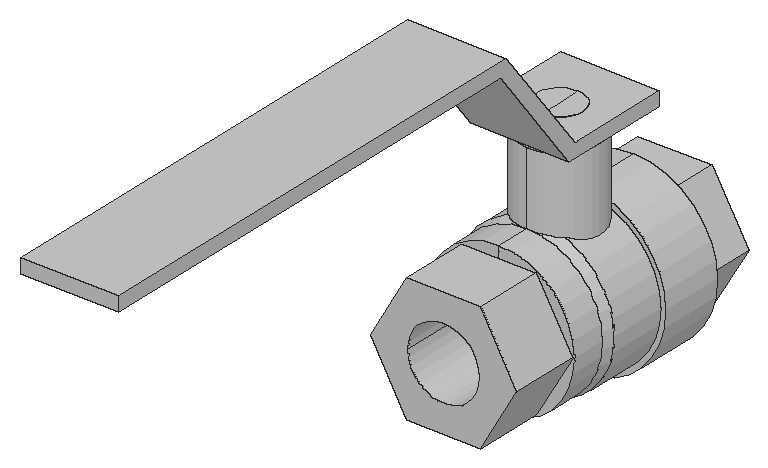
Revit family "КШ РАШВОРК  арт.7014 .rfa", category Арматура трубопроводов, Revit 2021
Family settings
  Размер круглого соединителя = Использовать диаметр
  Тип детали = Нормальный
  На основе рабочей плоскости = Нет
  Всегда вертикально = Нет
  При загрузке вырезать с полостями = Да
  Общий = Нет
Parameters (values of type "Кран шаровой полнопроходной РАШВОРК 7014-008-63 DN008 PN63, CF8M / AISI316 / PTFE, ВР/ВР, рукоятка-рычаг")
  Шручки = 17 mm
  Уго_длинна = 115 mm
  Ручка = нерж. сталь AISI304
  Отметка по умолчанию = 0 mm
  Корпус = нерж. сталь CF8M
  Изготовитель = "ООО \"ТД \"РАШВОРК\""
  А = 14.5 mm
  W = 106 mm
  URL = "https://rwru.ru/"
  LL = 22 mm
  L = 50 mm
  H = 49 mm
  DN_соединителя = 9 mm
  DN = 12.5 mm
  B5 = 28.154 mm
  B4 = 4 mm
  B3 = 7 mm
  B2 = 29.5 mm
  B1 = 25.5 mm
  ADSK_Примечание = ""
  ADSK_Наименование краткое = ""
  ADSK_Наименование = "Кран шаровой полнопроходной РАШВОРК 7014-008-63 DN008 PN63, CF8M / AISI316 / PTFE, ВР/ВР, рукоятка-рычаг"
  ADSK_Масса = 0.19
  ADSK_Код изделия = "7014-008-63"
  ADSK_Завод-изготовитель = "ООО \"ТД \"РАШВОРК\""
  ADSK_Единица измерения = "шт"
  A5 = 6 mm
  A4 = 13 mm
  A3 = 10 mm
  A2 = 1 mm
  A1 = 11 mm
  A00 = 41 mm
  A0 = 12 mm
Types (12, lengths in mm): name | Шручки | А | W | LL | L | H | DN_соединителя | DN | B4 | B3 | B2 | B1 | ADSK_Наименование | ADSK_Масса | ADSK_Код изделия | A5 | A4 | A3 | A2 | A1 | A00 | A0
  (no name) | 17 | 14.5 | 106 | 22 | 50 | 49 | 9 | 12.5 | 4 | 7 | 29.5 | 25.5 | "Кран шаровой полнопроходной РАШВОРК 7014-008-63 DN008 PN63, CF8M / AISI316 / PTFE, ВР/ВР, рукоятка-рычаг" | 0.19 | "7014-008-63" | 6 | 13 | 10 | 1 | 11 | 41 | 12
  Кран шаровой полнопроходной РАШВОРК 7014-040-63 DN040 PN63, CF8M / AISI316 / PTFE, ВР/ВР, рукоятка-рычаг | 25 | 36 | 182 | 54 | 99 | 85 | 40 | 38 | 6 | 12.5 | 63 | 51 | "Кран шаровой полнопроходной РАШВОРК 7014-040-63 DN040 PN63, CF8M / AISI316 / PTFE, ВР/ВР, рукоятка-рычаг" | 1.3 | "7014-040-63" | 8 | 31.5 | 20 | 2 | 20 | 81 | 23
  Кран шаровой полнопроходной РАШВОРК 7014-008-63 DN008 PN63, CF8M / AISI316 / PTFE, ВР/ВР, рукоятка-рычаг | 17 | 14.5 | 106 | 22 | 50 | 49 | 9 | 12.5 | 4 | 7 | 29.5 | 25.5 | "Кран шаровой полнопроходной РАШВОРК 7014-008-63 DN008 PN63, CF8M / AISI316 / PTFE, ВР/ВР, рукоятка-рычаг" | 0.19 | "7014-008-63" | 6 | 13 | 10 | 1 | 11 | 41 | 12
  Кран шаровой полнопроходной РАШВОРК 7014-010-63 DN010 PN63, CF8M / AISI316 / PTFE, ВР/ВР, рукоятка-рычаг | 17 | 14.5 | 106 | 22 | 50 | 49 | 10 | 12.5 | 4 | 7 | 29.5 | 25.5 | "Кран шаровой полнопроходной РАШВОРК 7014-010-63 DN010 PN63, CF8M / AISI316 / PTFE, ВР/ВР, рукоятка-рычаг" | 0.19 | "7014-010-63" | 6 | 13 | 10 | 1 | 11 | 41 | 12
  Кран шаровой полнопроходной РАШВОРК 7014-015-63 DN015 PN63, CF8M / AISI316 / PTFE, ВР/ВР, рукоятка-рычаг | 17 | 17.5 | 104 | 25 | 56 | 51 | 15 | 15 | 4 | 8.5 | 31.5 | 27.5 | "Кран шаровой полнопроходной РАШВОРК 7014-015-63 DN015 PN63, CF8M / AISI316 / PTFE, ВР/ВР, рукоятка-рычаг" | 0.26 | "7014-015-63" | 7 | 15 | 12 | 1 | 12 | 46 | 12
  Кран шаровой полнопроходной РАШВОРК 7014-020-63 DN020 PN63, CF8M / AISI316 / PTFE, ВР/ВР, рукоятка-рычаг | 19 | 21 | 116 | 32 | 66 | 58 | 20 | 20 | 4 | 8.5 | 41 | 33 | "Кран шаровой полнопроходной РАШВОРК 7014-020-63 DN020 PN63, CF8M / AISI316 / PTFE, ВР/ВР, рукоятка-рычаг" | 0.41 | "7014-020-63" | 4 | 19 | 14 | 1 | 14 | 54 | 17
  Кран шаровой полнопроходной РАШВОРК 7014-025-63 DN025 PN63, CF8M / AISI316 / PTFE, ВР/ВР, рукоятка-рычаг | 22 | 25 | 148 | 39 | 79 | 73 | 25 | 25 | 5 | 10 | 46 | 38 | "Кран шаровой полнопроходной РАШВОРК 7014-025-63 DN025 PN63, CF8M / AISI316 / PTFE, ВР/ВР, рукоятка-рычаг" | 0.66 | "7014-025-63" | 3 | 23 | 19 | 1 | 15 | 64 | 21
  Кран шаровой полнопроходной РАШВОРК 7014-032-63 DN032 PN63, CF8M / AISI316 / PTFE, ВР/ВР, рукоятка-рычаг | 22 | 31 | 148 | 49 | 91 | 79 | 32 | 32 | 5 | 10 | 52 | 44 | "Кран шаровой полнопроходной РАШВОРК 7014-032-63 DN032 PN63, CF8M / AISI316 / PTFE, ВР/ВР, рукоятка-рычаг" | 1 | "7014-032-63" | 9 | 29 | 19 | 1 | 18 | 73 | 22
  Кран шаровой полнопроходной РАШВОРК 7014-050-63 DN050 PN63, CF8M / AISI316 / PTFE, ВР/ВР, рукоятка-рычаг | 25 | 45 | 182 | 67 | 121 | 95 | 50 | 50 | 6 | 12.5 | 73 | 61 | "Кран шаровой полнопроходной РАШВОРК 7014-050-63 DN050 PN63, CF8M / AISI316 / PTFE, ВР/ВР, рукоятка-рычаг" | 2.1 | "7014-050-63" | 10 | 39 | 29 | 2 | 22 | 99 | 28
  Кран шаровой полнопроходной РАШВОРК 7014-065-63 DN065 PN63, CF8M / AISI316 / PTFE, ВР/ВР, рукоятка-рычаг | 32 | 56 | 252 | 85 | 147 | 126 | 65 | 65 | 8 | 17 | 99 | 82 | "Кран шаровой полнопроходной РАШВОРК 7014-065-63 DN065 PN63, CF8M / AISI316 / PTFE, ВР/ВР, рукоятка-рычаг" | 3.83 | "7014-065-63" | 18 | 50 | 36 | 2 | 27 | 120 | 24
  Кран шаровой полнопроходной РАШВОРК 7014-080-63 DN080 PN63, CF8M / AISI316 / PTFE, ВР/ВР, рукоятка-рычаг | 35 | 65 | 252 | 100 | 173 | 138 | 80 | 76 | 8 | 18.5 | 111 | 94 | "Кран шаровой полнопроходной РАШВОРК 7014-080-63 DN080 PN63, CF8M / AISI316 / PTFE, ВР/ВР, рукоятка-рычаг" | 5.74 | "7014-080-63" | 20 | 58 | 42 | 2 | 32 | 141 | 36
  Кран шаровой полнопроходной РАШВОРК 7014-100-63 DN100 PN63, CF8M / AISI316 / PTFE, ВР/ВР, рукоятка-рычаг | 32 | 84 | 283 | 128 | 222 | 158 | 100 | 94 | 8 | 24 | 131 | 114 | "Кран шаровой полнопроходной РАШВОРК 7014-100-63 DN100 PN63, CF8M / AISI316 / PTFE, ВР/ВР, рукоятка-рычаг" | 10.7 | "7014-100-63" | 25 | 74 | 54 | 2 | 35 | 180 | 46
Reference planes
  plane 1 "По центру (Вперед/Назад)": y = 0
  plane 2: z = 0
  plane 3 "По центру (Влево/Вправо)": x = 0
  plane 4: z = 11
  plane 5: z = -11
  plane 6: through (631.09, -1524, 1093.08) normal (0.866, 0, -0.5)
  plane 7: through (-668.616, 0, -1136.077) normal (0.866, 0, -0.5)
  plane 8: through (-649.564, 0, -1147.077) normal (0.866, 0, -0.5)
  plane 9: through (-631.09, -1524, 1093.08) normal (0.866, 0, 0.5)
  plane 10: through (668.616, 0, -1136.077) normal (0.866, 0, 0.5)
  plane 11: through (649.564, 0, -1147.077) normal (0.866, 0, 0.5)
  plane 12: y = 25
  plane 13: y = -25
  plane 14: y = 16
  plane 15: y = -13
  plane 16: z = 14.5
  plane 17: y = 5
  plane 18: z = 13.5
  plane 19: y = -5
  plane 20: z = 13
  plane 21: y = -7
  plane 22: z = 25.5
  plane 23: y = 7
  plane 24: z = 29.5
  plane 25: y = 4
  plane 26: y = -106
  plane 27: x = -8.5
  plane 28: x = 8.5
Forms (mm)
  Revolve 1, solid, material "нерж. сталь CF8M" <- "Корпус", detail levels medium+fine
    sketch origin (0, 0, 0) x (0, 1, 0) y (0, 0, 1)
      loop
        line (16, 0) -> (16, 14.5) -> (5, 14.5) -> (5, 13.5) -> (-5, 13.5) -> (-7, 13) -> (-13, 13) -> (-13, 0) -> (16, 0)
      axis (16, 0) -> (-13, 0)
    angle from 0 to 360
  Extrusion 2, solid, material "нерж. сталь CF8M" <- "Корпус", detail levels medium+fine
    sketch origin (0, 0, 0) x (1, 0, 0) y (0, 0, -1)
      loop
        line (-6.351, -11) -> (6.351, -11) -> (12.702, 0) -> (6.351, 11) -> (-6.351, 11) -> (-12.702, 0) -> (-6.351, -11)
    from -25 to 25
  Extrusion 3, void
    sketch origin (0, 0, 0) x (1, 0, 0) y (0, 0, 1)
      loop
        circle (0, 0) r 6.25
    from -25 to 25
  Revolve 4, solid, material "нерж. сталь CF8M" <- "Корпус", detail levels medium+fine
    sketch origin (0, 0, 0) x (0, 1, 0) y (0, 0, 1)
      loop
        line (7, 11) -> (7, 25.5) -> (4, 25.5) -> (4, 29.5) -> (0, 29.5) -> (0, 11) -> (7, 11)
      axis (0, 29.5) -> (0, 11)
    angle from 0 to 360
  Extrusion 5, solid, material "нерж. сталь AISI304" <- "Ручка", detail levels medium+fine
    sketch origin (0, 0, 0) x (0, 1, 0) y (0, 0, 1)
      loop
        line (10.886, 29.5) -> (-7.386, 29.5) -> (-22.114, 49) -> (-106, 49) -> (-106, 46.5) -> (-23.22, 46.5) -> (-8.492, 27) -> (10.886, 27) -> (10.886, 29.5)
    from -8.5 to 8.5
Cuts and joins
  Extrusion 3 cuts Revolve 1
  Extrusion 3 cuts Extrusion 2
Dimensions and locks
  equal spacing: plane 8, plane 6, plane 7
  "LL": plane 8 to plane 7
  equal spacing: plane 4, level, plane 5
  "LL": plane 4 to plane 5
  equal spacing: plane 11, plane 9, plane 10
  "LL": plane 11 to plane 10
  equal spacing: plane 12, plane 1 "По центру (Вперед/Назад)", plane 13
  "L": plane 12 to plane 13
  "А": plane 16 to level
  "A2": plane 16 to plane 18
  "A3": plane 17 to plane 19
  "A4": plane 20 to level
  "B1": plane 22 to level
  "B2": plane 24 to level
  "B3": plane 23 to plane 1 "По центру (Вперед/Назад)"
  "B4": plane 25 to plane 1 "По центру (Вперед/Назад)"
  "A5": plane 21 to plane 15
  "A0": plane 15 to plane 13
  "A1": plane 14 to plane 17
  "A00": plane 14 to plane 13
  "W": plane 1 "По центру (Вперед/Назад)" to plane 26
  equal spacing: plane 27, plane 3 "По центру (Влево/Вправо)", plane 28
  "Шручки": plane 27 to plane 28
  "H": Extrusion 5 to level
  "DN": diameter of Extrusion 3 sketch curve
  aligned and locked: level to plane 2
  aligned and locked: plane 13 to Extrusion 2
  aligned and locked: plane 15 to Revolve 1
  aligned and locked: plane 3 "По центру (Влево/Вправо)" to Extrusion 3 sketch curve
  aligned and locked: level to Extrusion 3 sketch curve
  aligned and locked: plane 13 to Extrusion 3
  aligned and locked: Revolve 1 sketch curve to plane 20
  aligned and locked: cut or joined group of Extrusion 2, Extrusion 3 to plane 12
  aligned and locked: Extrusion 3 to plane 12
  aligned and locked: Revolve 4 sketch curve to plane 24
  aligned and locked: plane 25 to Revolve 4 sketch curve
  aligned and locked: Revolve 4 sketch curve to plane 22
  aligned and locked: plane 23 to Revolve 4 sketch curve
  aligned and locked: plane 4 to Revolve 4
  aligned and locked: plane 14 to cut or joined group of Revolve 1, Extrusion 3
  aligned and locked: plane 17 to cut or joined group of Revolve 1, Extrusion 3
  aligned and locked: Extrusion 5 to plane 27
  aligned and locked: plane 28 to Extrusion 5
  aligned and locked: plane 3 "По центру (Влево/Вправо)" to nested 1
  aligned and locked: plane 1 "По центру (Вперед/Назад)" to nested 1
Automatic sketch dimensions
  Extrusion 2 sketch curve to level = 0 mm  (x2)
  Extrusion 2 sketch curve to plane 7 = 0 mm  (x2)
  Extrusion 2 sketch curve to plane 4 = 0 mm
  Extrusion 2 sketch curve to plane 5 = 0 mm
  Extrusion 2 sketch curve to plane 6 = 0 mm  (x2)
  Extrusion 2 sketch curve to plane 8 = 0 mm  (x2)
  Revolve 1 sketch curve to level = 0 mm  (x2)
  plane 15 to Revolve 1 sketch curve = 0 mm
  Revolve 1 sketch curve to plane 21 = 0 mm
  Revolve 1 sketch curve to plane 19 = 0 mm
  Revolve 1 sketch curve to plane 17 = 0 mm
  Revolve 1 sketch curve to plane 14 = 0 mm
  plane 13 to Revolve 1 sketch curve = 20.083 mm
  Revolve 1 sketch curve to plane 12 = 21.219 mm
  Revolve 1 sketch curve to plane 16 = 0 mm
  Revolve 1 sketch curve to plane 18 = 0 mm
  Revolve 4 sketch curve to plane 1 "По центру (Вперед/Назад)" = 0 mm  (x2)
  level to Revolve 4 sketch curve = 11 mm
  Revolve 4 sketch curve to plane 5 = 38.032 mm
  Revolve 4 sketch curve to Revolve 4 sketch curve = 25 mm
  Extrusion 5 sketch curve to Extrusion 5 sketch curve = 2.5 mm  (x2)
  Extrusion 5 sketch curve to plane 13 = 1.78 mm
  plane 21 to Extrusion 5 sketch curve = 1.492 mm
  Extrusion 5 sketch curve to plane 24 = 0 mm
  Extrusion 5 sketch curve to plane 23 = 3.886 mm
  Extrusion 5 sketch curve to Extrusion 5 sketch curve = 1.106 mm
  plane 21 to Extrusion 5 sketch curve = 0.386 mm
  plane 24 to Extrusion 5 sketch curve = 17 mm
  Extrusion 5 sketch curve to plane 26 = 0 mm
Nested families
  nested 1: "УГО_кран" at (0, 0, 0), type "УГО_кран", detail levels coarse
Connectors
  piping at (0, 25, 0), diameter 9, driven by "DN_соединителя"
    settings: on cut or joined group of Extrusion 2, Extrusion 3, index 1, connector inside diameter 609.6 mm, connector length 0 mm, flow factor 0, pipe flow 0.0 L/s, pressure drop 0.0 Pa, fitting loss kfactor 0, connector angle 0.00°, fixture units 0, engagement length 0 mm, angle of deflection 0.00°, flow configuration 0, flow direction 0, fitting loss method 0, system type 7, joint type 0, gender type 0, connector reference index 2, connector utility 0, adjustable connector no, is connector primary yes, connector description ""
  piping at (0, -25, 0), diameter 9, driven by "DN_соединителя"
    settings: on cut or joined group of Extrusion 2, Extrusion 3, index 2, connector inside diameter 609.6 mm, connector length 0 mm, flow factor 0, pipe flow 0.0 L/s, pressure drop 0.0 Pa, fitting loss kfactor 0, connector angle 0.00°, fixture units 0, engagement length 0 mm, angle of deflection 0.00°, flow configuration 0, flow direction 0, fitting loss method 0, system type 7, joint type 0, gender type 0, connector reference index 1, connector utility 0, adjustable connector no, is connector primary no, connector description ""
Definition of nested family "УГО_кран"
  Parameters (values of type "УГО_кран")
    Default Elevation = 0 mm
    Высота_УГО = (L_УГО / 2) / cos(30.00°)  # 57.735 mm
    L_УГО = 100 mm
  Reference planes
    plane 1 "По центру (Вперед/Назад)": y = 0
    plane 2: z = 0
    plane 3 "По центру (Влево/Вправо)": x = 0
    plane 4: z = 28.868
    plane 5: z = -28.868
    plane 6: y = 50
    plane 7: y = -50
  Lines and regions (mm)
    model lines
      curve 1: line (0, 50, 28.868) -> (0, -50, -28.868)
      curve 2: line (0, -50, -28.868) -> (0, -50, 28.868)
      curve 3: line (0, -50, 28.868) -> (0, 50, -28.868)
      curve 4: line (0, 50, -28.868) -> (0, 50, 28.868)
  Dimensions and locks
    equal spacing: plane 6, plane 1 "По центру (Вперед/Назад)", plane 7
    "L_УГО": plane 6 to plane 7
    equal spacing: plane 4, level, plane 5
    "Высота_УГО": plane 4 to plane 5
    aligned and locked: level to plane 2
    aligned and locked: plane 6 to curve 4
    aligned and locked: plane 7 to curve 2
    aligned and locked: plane 4 to curve 3
    aligned and locked: plane 4 to curve 4
    aligned and locked: plane 5 to curve 4
  Automatic sketch dimensions
    curve 1 to plane 5 = 0 mm
